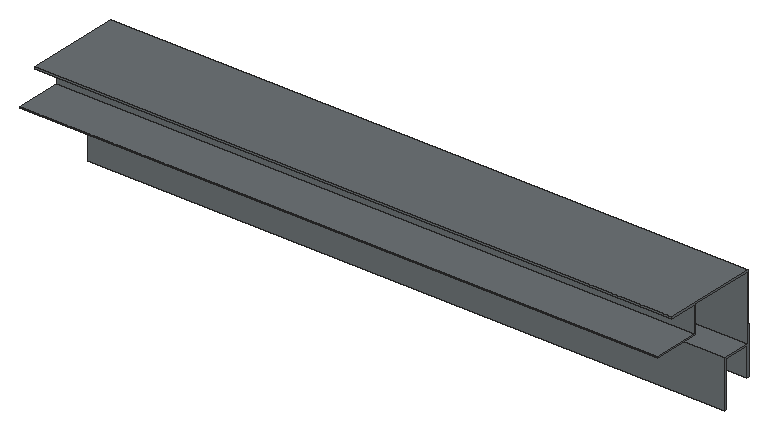
Revit family "BIMLIB_ПланкаУглаВнешнегоСложногоЭкоБрус_GRANDLINE", category Обобщенные модели, Revit 2017
Family settings
  Может служить основой для арматурных стержней = Нет
  Размер круглого соединителя = Использовать диаметр
  Тип детали = Нормальный
  При загрузке вырезать с полостями = Нет
  Общий = Нет
  Точка расчета площади = Нет
Parameters (values of type "Угол внешний сложный")
  Смещение от плоскости [instance] = 0 mm
  Описание = ADSK_Наименование  # "Угол внешний сложный ЭкоБрус GL"
  Изготовитель = "Grand Line"  # constant formula
  built-in parameter 1001306 [instance] = 500 mm
  Watermark [instance] = "Модели защищены уникальным кодом"
  URL = "https://www.grandline.ru"
  BL_Разработано = "support@bimlib.pro"
  BL_Email = "info@grandline.ru"
  BL_BIM library = "https://bimlib.pro/manufacturer/company/22430"
  ADSK_Размер_Длина [instance] = [built-in parameter 1001306]  # 500 mm
  ADSK_Обозначение = "ГОСТ 19904-90, ГОСТ 14918-80"
  ADSK_Наименование = "Угол внешний сложный ЭкоБрус GL"
  ADSK_Материал тип подсчета = 1  # constant formula
  ADSK_Материал = GL_Drap_RAL7016
  ADSK_Масса_Текст [instance] = ""
  ADSK_Масса [instance] = 0
  ADSK_Марка = ""
  ADSK_Количество [instance] = if(ADSK_Материал тип подсчета = 0, 1, if(ADSK_Материал тип подсчета = 1, ADSK_Размер_Длина / 1000 mm, 0))  # 0.5
  ADSK_Код изделия = "M012.043.04"  # constant formula
  ADSK_Завод-изготовитель = "Grand Line"  # constant formula
  ADSK_Единица измерения = "м"  # constant formula
  ADSK_Группирование = "Доборные элементы"  # constant formula
  ADSK_Версия Revit = "2017"  # constant formula
  ADSK_URL страницы изделия = "https://www.grandline.ru/planka-ugla-vneshnego-slozhnogo-ekobrus-gl-0-45-pe-foil-ral-8017-81154.html"
  ADSK_URL документации изделия = "https://www.grandline.ru/uploads/files/chertezhi_vse/dobornye_elementy/de_saiyding_ekobrus/Ugol_vneshniiy_slozhnyiy_EkoBrus_GL.jpg"
Reference planes
  plane 1 "По центру (Вперед/Назад)": y = 0
  plane 2: z = 0
  plane 3 "Слева": x = 0
  plane 4 "Справа": x = 500
Forms (mm)
  Sweep 1, solid, material "GL_Drap_RAL7016" <- "ADSK_Материал"
    path in 3D
      loop
        line (0, 0, 0) -> (500, 0, 0)
    profile "Профиль_ПланкаУглаВнешнегоСложногоЭкобрус : Профиль" origin (250, 0, 0) x (0, 1, 0) y (0, 0, 1)
      loop
        line (22.8, 22.8) -> (-52.2, 22.8) -> (-52.2, 21.2) -> (-30, 21.2) -> (-30, 0.8) -> (-66.2, 0.8) -> (-66.2, 0) -> (-29.2, 0) -> (-29.2, 22) -> (22, 22) -> (22, -29.2) -> (0, -29.2) -> (0, -66.2) -> (0.8, -66.2) -> (0.8, -30) -> (21.2, -30) -> (21.2, -52.2) -> (22.8, -52.2) -> (22.8, 22.8)
Lines and regions (mm)
  reference lines
    curve 1: line (0, 0, 0) -> (500, 0, 0)
  sketch lines
    curve 2: line (0, 0, 0) -> (500, 0, 0)
Dimensions and locks
  "built-in parameter 1001306": plane 3 "Слева" to plane 4 "Справа"
  aligned and locked: plane 4 "Справа" to curve 1
  aligned and locked: plane 1 "По центру (Вперед/Назад)" to curve 1
  aligned and locked: plane 3 "Слева" to curve 1
  aligned and locked: level to plane 2
